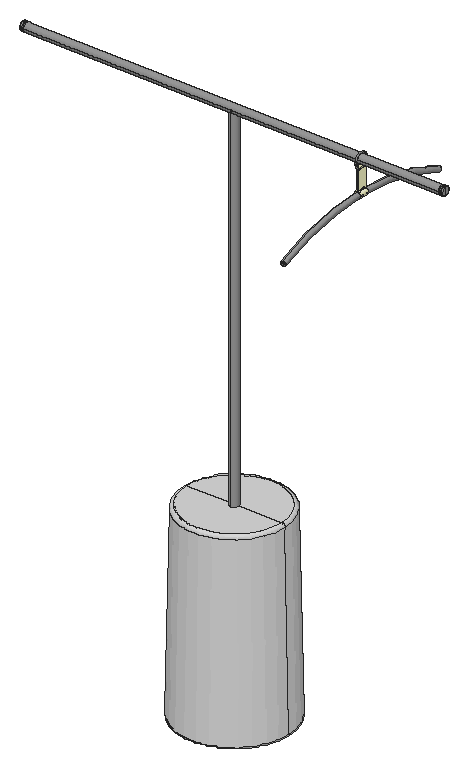
Revit family "Tonbo", category Arredi, Revit 2017
Family settings
  Numero OmniClass = 23.40.20.00
  Titolo OmniClass = General Furniture and Specialties
  Basato su piano di lavoro = No
  Sempre verticale = Sì
  Taglio con vuoti quando caricato = No
  Condiviso = No
  Punto di calcolo locali = No
Parameters (values of type "H 130")
  Visib Gruccia = yes
  URL = "http://www.livingdivani.it"
  Modello = "Tonbo"
  Mat. Struttura = Acciaio - Lucido
  Produttore = "LivingDivani"
  Mat. Base = blocco
  Mat gruccia = Lino - Beige
  Codice Prodotto = "TONA130"
  Altezza stelo = Altezza - 1 cm  # 129 cm
  Altezza gruccia = Altezza - 2.7 cm  # 127.3 cm
  Altezza = 130 cm
Types (2, lengths in cm): name | Codice Prodotto | Altezza stelo | Altezza gruccia | Altezza
  H 160 | "TONA160" | 159 | 157.3 | 160
  H 130 | "TONA130" | 129 | 127.3 | 130
Reference planes (cm)
  plane 1 "Centro (Fronte/Retro)": y = 0
  plane 2: z = 0
  plane 3 "Centro (Sinistra/Destra)": x = 0
  plane 4: z = 129
  plane 5: x = -49.2
  plane 6: x = 49.2
  plane 7: x = -9.5263
  plane 8: x = 9.5263
Forms (cm)
  Revolve 1, solid, material "blocco" <- "Mat. Base"
    sketch origin (0, 0, 0) x (1, 0, 0) y (0, 0, 1)
      loop
        line (-12.0157, 44.2161) -> (-12.8959, 0.604)
        arc (-12.8959, 0.604) -> (-12.8388, 0.46) -> (-12.696, 0.4) r 0.2
        line (-12.696, 0.4) -> (0, 0.4) -> (0, 45) -> (-11.2158, 45)
        arc (-11.2158, 45) -> (-11.7758, 44.7714) -> (-12.0157, 44.2161) r 0.8
      axis (0, 45) -> (0, 0.4)
    angle from 0 to 360
  Extrusion 2, solid, material "Acciaio - Lucido" <- "Mat. Struttura"
    sketch origin (0, 0, 18.3) x (0, -1, 0) y (1, 0, 0)
      loop
        circle (0, 0) r 1
    from 110.7 to 26.7
  Extrusion 3, solid, material "Acciaio - Lucido" <- "Mat. Struttura"
    sketch origin (0, 0, 0) x (0, 1, 0) y (0, 0, 1)
      loop
        circle (0, 129) r 1
    from 49.2 to -49.2
  Revolve 4, solid, material "Acciaio - Lucido" <- "Mat. Struttura"
    sketch origin (0, 0, 0) x (1, 0, 0) y (0, 0, 1)
      loop
        line (-49.2823, 129.2815) -> (-49.7, 129.2815) -> (-49.7, 129.9)
        arc (-49.7, 129.9) -> (-49.7293, 129.9707) -> (-49.8, 130) r 0.1
        line (-49.8, 130) -> (-49.9, 130)
        arc (-49.9, 130) -> (-49.9707, 129.9707) -> (-50, 129.9) r 0.1
        line (-50, 129.9) -> (-50, 129) -> (-49.2, 129) -> (-49.2, 130) -> (-49.2823, 129.2815)
      axis (-49.2, 129) -> (-50, 129)
    angle from 0 to 360
  Revolve 5, solid, material "Acciaio - Lucido" <- "Mat. Struttura"
    sketch origin (0, 0, 0) x (-1, 0, 0) y (0, 0, -1)
      loop
        line (-49.2823, -129.2815) -> (-49.2, -130) -> (-49.2, -129) -> (-50, -129) -> (-50, -129.9)
        arc (-50, -129.9) -> (-49.9707, -129.9707) -> (-49.9, -130) r 0.1
        line (-49.9, -130) -> (-49.8, -130)
        arc (-49.8, -130) -> (-49.7293, -129.9707) -> (-49.7, -129.9) r 0.1
        line (-49.7, -129.9) -> (-49.7, -129.2815) -> (-49.2823, -129.2815)
      axis (-49.2, -129) -> (-50, -129)
    angle from 0 to 360
Dimensions and locks (cm)
  "Altezza stelo": plane 4 to level
  "Altezza gruccia": nested 5 to level
  plane 3 "Centro (Sinistra/Destra)" to plane 5 = 49.2 cm
  aligned and locked: level to plane 2
  aligned and locked: Extrusion 2 to plane 4
  aligned and locked: Extrusion 3 to plane 5
  aligned and locked: Extrusion 3 to plane 6
  aligned and locked: plane 7 to nested 1
  aligned and locked: nested 2 to plane 8
Automatic sketch dimensions
  Revolve 1 sketch curve to plane 3 "Centro (Sinistra/Destra)" = 0 cm  (x2)
  Revolve 1 sketch curve to plane 7 = 1.6896 cm
  Revolve 1 sketch curve to Revolve 1 sketch curve = 0.7998 cm
  level to Revolve 1 sketch curve = 0.4 cm
  Revolve 1 sketch curve to plane 7 = 3.1697 cm
  level to Revolve 1 sketch curve = 0.604 cm
  Revolve 1 sketch curve to Revolve 1 sketch curve = 0.2 cm
  Revolve 1 sketch curve to Revolve 1 sketch curve = 43.6 cm
  Revolve 1 sketch curve to Revolve 1 sketch curve = 0.0161 cm
  Revolve 1 sketch curve to Revolve 1 sketch curve = 15.5 cm
  Revolve 1 sketch curve to Revolve 1 sketch curve = 5.5 cm
  plane 1 "Centro (Fronte/Retro)" to Extrusion 2 sketch curve = 0 cm
  Extrusion 2 sketch curve to plane 3 "Centro (Sinistra/Destra)" = 0 cm
  Extrusion 3 sketch curve to plane 1 "Centro (Fronte/Retro)" = 0 cm
  plane 4 to Extrusion 3 sketch curve = 0 cm
  Revolve 4 sketch curve to plane 4 = 0 cm  (x2)
  Revolve 4 sketch curve to plane 5 = 0 cm
  Revolve 4 sketch curve to plane 5 = 0.0823 cm
  Revolve 4 sketch curve to Revolve 4 sketch curve = 0.4177 cm
  Revolve 4 sketch curve to Revolve 4 sketch curve = 0.1 cm  (x4)
  Revolve 4 sketch curve to plane 4 = 0.2815 cm
  Revolve 4 sketch curve to Revolve 4 sketch curve = 0.6185 cm
  Revolve 4 sketch curve to Revolve 4 sketch curve = 34.831 cm
  Revolve 4 sketch curve to plane 6 = 9.459 cm
  Revolve 5 sketch curve to plane 4 = 0 cm  (x2)
  plane 6 to Revolve 5 sketch curve = 0 cm
  Revolve 5 sketch curve to plane 6 = 0.0823 cm
  Revolve 5 sketch curve to Revolve 5 sketch curve = 0.4177 cm
  Revolve 5 sketch curve to Revolve 5 sketch curve = 0.1 cm  (x4)
  Revolve 5 sketch curve to plane 4 = 0.2815 cm
  Revolve 5 sketch curve to Revolve 5 sketch curve = 0.6185 cm
  Revolve 5 sketch curve to Revolve 5 sketch curve = 34.831 cm
  Revolve 5 sketch curve to plane 5 = 9.459 cm
  radius of Extrusion 2 sketch curve = 1 cm
  radius of Extrusion 3 sketch curve = 1 cm
Nested families (cm)
  nested 1: "piedino Tonbo" at (-9.5263, 0, 0), type "piedino Tonbo"
  nested 2: "piedino Tonbo" at (9.5263, 0, 0) x (-1, 0, 0) z (0, 0, 1), type "piedino Tonbo"
  nested 3: "piedino Tonbo" at (0, 9.5263, 0), type "piedino Tonbo"
  nested 4: "piedino Tonbo" at (0, -9.5263, 0), type "piedino Tonbo"
  nested 5: "Tonbo gruccia" at (30, 0, 116.0356) x (0, 1, 0) z (0, 0, 1), visible <- "Visib Gruccia", type "H 160"
Definition of nested family "piedino Tonbo"
  Parameters (values of type "piedino Tonbo")
    Mat. Struttura = none
  Reference planes (cm)
    plane 1 "Centro (Fronte/Retro)": y = 0
    plane 2: z = 0
    plane 3 "Centro (Sinistra/Destra)": x = 0
  Forms (cm)
    Revolve 1, solid, material <- "Mat. Struttura"
      sketch origin (0, 0, 0) x (1, 0, 0) y (0, 0, 1)
        loop
          line (0, 0.4) -> (-0.6464, 0.4)
          arc (-0.6464, 0.4) -> (-0.6842, 0.3827) -> (-0.6959, 0.3429) r 0.05
          arc (-0.6959, 0.3429) -> (-0.5619, 0.0976) -> (-0.3, 0) r 0.4
          line (-0.3, 0) -> (0, 0) -> (0, 0.4)
        axis (0, 0.4) -> (0, 0)
      angle from 0 to 360
  Dimensions and locks (cm)
    aligned and locked: level to plane 2
Definition of nested family "Tonbo gruccia"
  Parameters (values of type "H 130")
    URL = "http://www.livingdivani.it"
    Model = "Maja D Armchair"
    Mat. Tessuto = none
    Mat. Struttura = none
    Manufacturer = "LivingDivani"
    Codice Prodotto = "MAJVP058C\r\nMAJVP058C\r\nMAJVP058C"
  Types (2): name
    H 160
    H 130
  Reference planes (cm)
    plane 1 "Centro (Fronte/Retro)": y = 0
    plane 2: z = 0
    plane 3 "Centro (Sinistra/Destra)": x = 0
    plane 4 "diagonale": through (426.72, 29, 68) normal (0, 0.0613, -0.9981)
    plane 5: z = 5.47
    plane 6: x = -1
    plane 7: x = 1
    plane 8: z = 11.2644
  Forms (cm)
    Sweep 1, solid, material <- "Mat. Struttura"
      path origin (0, 0, 0) x (1, 0, 0) y (0, 0, 1)
        loop
          arc (22.9082, 0.5553) -> (11.7193, 4.2597) -> (0, 5.5134) r 55.4
          arc (0, 5.5134) -> (-11.7193, 4.2597) -> (-22.9082, 0.5553) r 55.4
      profile origin (-11.7193, 0, 4.2597) x (0.21154, 0, -0.977369) y (0, -1, 0)
        loop
          circle (0, 0) r 0.6
    Revolve 2, solid, material <- "Mat. Struttura"
      sketch origin (0, 0, 0) x (1, 0, 0) y (0, 0, 1)
        loop
          line (-23.2075, 0.9682) -> (-23, 0.5134) -> (-22.9081, 0.5551) -> (-23.1563, 1.1015)
          arc (-23.1563, 1.1015) -> (-23.2099, 1.0457) -> (-23.2075, 0.9682) r 0.1
        axis (-23.0008, 0.513) -> (-22.9081, 0.5551)
      angle from 0 to 360
    Revolve 3, solid, material <- "Mat. Struttura"
      sketch origin (0, 0, 0) x (-1, 0, 0) y (0, 0, 1)
        loop
          line (-23.2075, 0.9682) -> (-23, 0.5134) -> (-22.9081, 0.5551) -> (-23.1563, 1.1015)
          arc (-23.1563, 1.1015) -> (-23.2099, 1.0457) -> (-23.2075, 0.9682) r 0.1
        axis (-23.0008, 0.513) -> (-22.9081, 0.5551)
      angle from 0 to 360
    Sweep 4, solid, material <- "Mat. Struttura"
      path origin (0, 0, 0) x (1, 0, 0) y (0, 0, 1)
        loop
          circle (0, 12.5134) r 1.6
      profile origin (0, 0, 14.1134) x (0, 0, -1) y (0, -1, 0)
        loop
          circle (0, 0) r 0.15
    Extrusion 5, solid, material <- "Mat. Tessuto"
      sketch origin (0, 0, 0) x (0, 1, 0) y (0, 0, 1)
        loop
          arc (0.21, 10.8634) -> (0.2218, 10.9309) -> (0.2556, 10.9905) r 0.2
          arc (0.2556, 10.9905) -> (0.3277, 11.1357) -> (0.3489, 11.2963) r 0.4937
          spline (0.3489, 11.2963) -> (0.337, 11.3902) -> (0.3022, 11.4778) -> (0.2467, 11.5529) -> (0.1745, 11.6106) -> (0.0903, 11.6469) -> (0, 11.6593) -> (-0.0903, 11.6469) -> (-0.1745, 11.6106) -> (-0.2467, 11.5529) -> (-0.3022, 11.4778) -> (-0.337, 11.3902) -> (-0.3489, 11.2963)
          arc (-0.3489, 11.2963) -> (-0.3277, 11.1357) -> (-0.2556, 10.9905) r 0.4937
          arc (-0.2556, 10.9905) -> (-0.2218, 10.9309) -> (-0.21, 10.8634) r 0.2
          line (-0.21, 10.8634) -> (-0.21, 6.4165)
          arc (-0.21, 6.4165) -> (-0.2421, 6.3079) -> (-0.3279, 6.2341) r 0.2
          arc (-0.3279, 6.2341) -> (-0.7815, 5.3375) -> (0, 4.7059) r 0.7993
          arc (0, 4.7059) -> (0.7815, 5.3375) -> (0.3279, 6.2341) r 0.7993
          arc (0.3279, 6.2341) -> (0.2421, 6.3079) -> (0.21, 6.4165) r 0.2
          line (0.21, 6.4165) -> (0.21, 10.8634)
        loop
          line (0.01, 6.4165) -> (0.01, 10.8634)
          arc (0.01, 10.8634) -> (0.0321, 10.9946) -> (0.0961, 11.1113) r 0.4
          arc (0.0961, 11.1113) -> (0.1394, 11.2046) -> (0.1479, 11.3071) r 0.2937
          spline (0.1479, 11.3071) -> (0.14, 11.3496) -> (0.1223, 11.3879) -> (0.0967, 11.4192) -> (0.0656, 11.4419) -> (0.0312, 11.4551) -> (-0.0047, 11.4587) -> (-0.0404, 11.4527) -> (-0.0742, 11.4371) -> (-0.1042, 11.4122) -> (-0.128, 11.379) -> (-0.1434, 11.3394) -> (-0.1487, 11.2963)
          arc (-0.1487, 11.2963) -> (-0.138, 11.1994) -> (-0.0961, 11.1113) r 0.2937
          arc (-0.0961, 11.1113) -> (-0.0321, 10.9946) -> (-0.01, 10.8634) r 0.4
          line (-0.01, 10.8634) -> (-0.01, 6.4165)
          arc (-0.01, 6.4165) -> (-0.0741, 6.1993) -> (-0.2459, 6.0517) r 0.4
          arc (-0.2459, 6.0517) -> (-0.586, 5.3794) -> (0, 4.9059) r 0.5993
          arc (0, 4.9059) -> (0.586, 5.3794) -> (0.2459, 6.0517) r 0.5993
          arc (0.2459, 6.0517) -> (0.0741, 6.1993) -> (0.01, 6.4165) r 0.4
      from 1 to -1
  Dimensions and locks (cm)
    aligned and locked: level to plane 2
    aligned and locked: plane 6 to Extrusion 5
    aligned and locked: plane 7 to Extrusion 5
